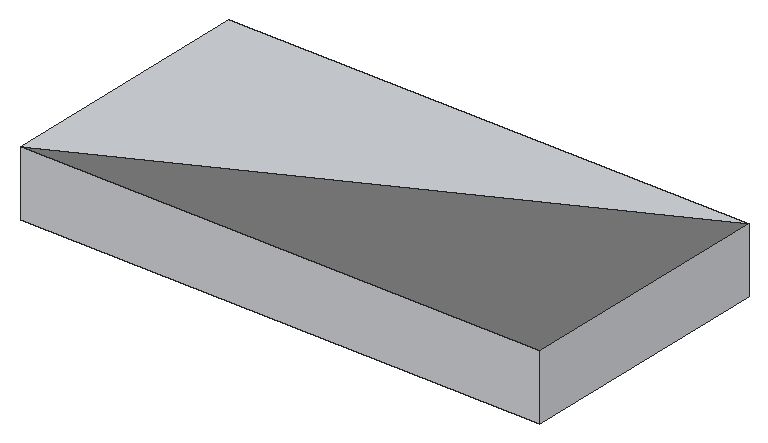
Revit family "電線管用ファミリ(片側のみ)_12", category Electrical Fixtures, Revit 2021
Family settings
  Maintain Annotation Orientation = No
  Round Connector Dimension = Use Diameter
  Part Type = Normal
  OmniClass Number = 23.80.00.00
  OmniClass Title = Electric Power and Lighting
  Work Plane-Based = No
  Always vertical = Yes
  Cut with Voids When Loaded = No
  Shared = No
  Room Calculation Point = No
Parameters
  コネクタ直径 [instance] = 16 mm
  W [instance] = 400 mm
  Default Elevation = 0 mm
  D [instance] = 200 mm
Reference planes
  plane 1 "Center (Front/Back)": y = 0
  plane 2: z = 0
  plane 3 "Center (Left/Right)": x = 0
  plane 4: x = -200
  plane 5: x = 200
  plane 6: y = 100
  plane 7: y = -100
  plane 8: z = 50
Forms (mm)
  Extrusion 1, solid
    sketch origin (0, 0, 0) x (1, 0, 0) y (0, 1, 0)
      loop
        line (-200, 100) -> (-200, -100) -> (200, -100) -> (200, 100) -> (-200, 100)
    from 0 to 50
  Extrusion 2, solid, material "Default Solid Fill"
    sketch origin (0, 0, 0) x (1, 0, 0) y (0, 1, 0)
      loop
        line (200, 100) -> (-200, -100) -> (200, -100) -> (200, 100)
    from 0 to 50
Dimensions and locks
  equal spacing: plane 4, plane 3 "Center (Left/Right)", plane 5
  "W": plane 4 to plane 5
  equal spacing: plane 6, plane 1 "Center (Front/Back)", plane 7
  "D": plane 6 to plane 7
  aligned and locked: level to plane 2
  aligned and locked: plane 8 to Extrusion 1
  aligned and locked: plane 8 to Extrusion 2
Automatic sketch dimensions
  Extrusion 1 sketch curve to plane 4 = 0 mm
  Extrusion 1 sketch curve to plane 5 = 0 mm
  Extrusion 1 sketch curve to plane 7 = 0 mm
  Extrusion 1 sketch curve to plane 6 = 0 mm
  Extrusion 2 sketch curve to plane 4 = 0 mm
  Extrusion 2 sketch curve to plane 5 = 0 mm
  Extrusion 2 sketch curve to plane 7 = 0 mm
  Extrusion 2 sketch curve to plane 6 = 0 mm
Connectors
  cabletrayconduit at (0, 0, 50), diameter 16
    settings: on Extrusion 1, index 1, connector width 300 mm, connector height 300 mm, connector angle 0.00°, system type 32, placement type 0, profile type 0, connector reference index -1, is primary connector yes, connector utility param no, connector description ""
